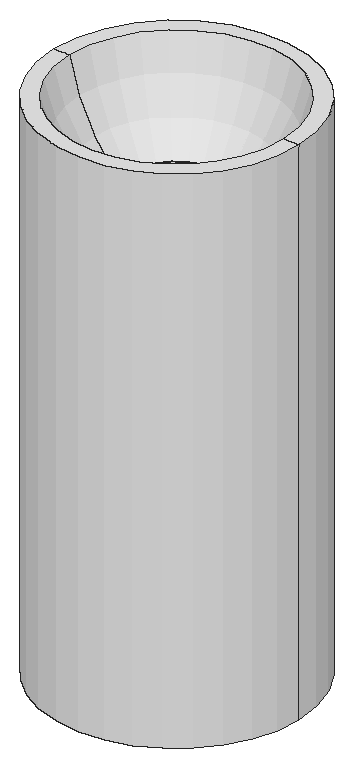
Revit family "5in_Round_Xicato-STD", category Lighting Fixtures, host Face, Revit 2014
Parameters (values of type "L332_12W_Xicato_XTM_1100_lm_3000K")
  Watts = 12 W
  Wattage Comments = "12W,17W,25W"  # constant formula
  Wattage = 12 W
  Warranty = "5 Year Warranty"  # constant formula
  built-in parameter 1150110 = 1 (stored number, unit not read)
  Voltage = 120 V
  URL = "https://www.hubbell.com/kurtversen/en"
  built-in parameter 1114217 = 1 (stored number, unit not read)
  Tilt Angle = -90.00°
  built-in parameter 1150109 = 1 (stored number, unit not read)
  built-in parameter 1150134 = (empty or 0)
  built-in parameter 1150113 = 1 (stored number, unit not read)
  Product Page URL = "https://www.hubbell.com/kurtversen/en/Products/Lighting-Controls/Commercial-Indoor-Lighting/Cylinder/5-Round-Xicato-Surface-Forms/p/536123"
  Product Documentation Link = "https://hubbellcdn.com/specsheet/kv_l332_334_336_spec_sheet.pdf"
  Power Factor = 0.9  # constant formula
  Photometric Web File = "L332_12W_Xicato_XTM_1100_lm_3000K.IES"
  Model = "5in Round Xicato XTM Surface Forms-Ceiling Mount (STD)"  # constant formula
  Manufacturer = "Kurt Versen"  # constant formula
  built-in parameter 1150105 = -448560 (stored number, unit not read)
  Lumens = 720 lm
  built-in parameter 1150115 = 1 (stored number, unit not read)
  Load Classification = Lighting
  built-in parameter 1150137 = (empty or 0)
  built-in parameter 1150139 = (empty or 0)
  built-in parameter 1150112 = 1 (stored number, unit not read)
  built-in parameter 1150114 = 1 (stored number, unit not read)
  Lamp = "LED Lamp"  # constant formula
  Is Height 7.5" [instance] = no
  Is Height 10.5" [instance] = not([Is Height 7.5"])  # yes
  built-in parameter 1150132 = (empty or 0)
  built-in parameter 1150102 = (empty or 0)
  built-in parameter 1150107 = 3000 (stored number, unit not read)
  built-in parameter 1150138 = (empty or 0)
  built-in parameter 1150106 = -4485.6 (stored number, unit not read)
  zz Height 1 [instance] = if([Is Height 7.5"], 7.500", 10.500")  # 10.500"
  Glass = Hubbell-White Glass
  Emit from Circle Diameter = 4.000"  # constant formula
  Emit Shape Visible in Rendering = no
  built-in parameter 1150104 = 5.5742 (stored number, unit not read)
  Dimming Lamp Color Temperature Shift = <None>
  Description = "Narrow, Medium, Wide Distribution Downlights."  # constant formula
  Default Elevation = 48.000"
  Contact us = "https://www.hubbell.com/kurtversen/en/contactUs?productId=536123"
  Color Filter = 16777215
  Beam Spread = "Wide"
  built-in parameter 1114218 = 1 (stored number, unit not read)
  Backbox = Hubbell-White
  built-in parameter 1150133 = 10 (stored number, unit not read)
  Assembly Code = "D5020210"
  Apparent Load = Watts / Power Factor  # 13.3333 VA
Types (9): name | Watts | Wattage | Photometric Web File | built-in parameter 1150105 | Lumens | Is Height 7.5" | Is Height 10.5" | built-in parameter 1150106 | zz Height 1 | built-in parameter 1150104 | Beam Spread | Apparent Load
  L332_12W_Xicato_XTM_1100_lm_3000K | 12 W | 12 W | "L332_12W_Xicato_XTM_1100_lm_3000K.IES" | -448560 (stored number, unit not read) | 720 lm | no | yes | -4485.6 (stored number, unit not read) | 10.500" | 5.5742 (stored number, unit not read) | "Wide" | 13.3333 VA
  L332_17W_Xicato_XTM_1500_lm_3000K | 17 W | 17 W | "L332_17W_Xicato_XTM_1500_lm_3000K.IES" | 79.816 (stored number, unit not read) | 1003 lm | no | yes | 0.79816 (stored number, unit not read) | 10.500" | 5.4813 (stored number, unit not read) | "Wide" | 18.8889 VA
  L332_25W_Xicato_XTM_2100_lm_3000K | 25 W | 25 W | "L332_25W_Xicato_XTM_2100_lm_3000K.IES" | 111.41 (stored number, unit not read) | 1400 lm | no | yes | 1.1141 (stored number, unit not read) | 10.500" | 5.2026 (stored number, unit not read) | "Wide" | 27.7778 VA
  L334_17W_Xicato_XTM_1500_lm_3000K | 17 W | 17 W | "L334_17W_Xicato_XTM_1500_lm_3000K.IES" | 85.227 (stored number, unit not read) | 1071 lm | no | yes | 0.85227 (stored number, unit not read) | 10.500" | 5.8529 (stored number, unit not read) | "Medium" | 18.8889 VA
  L334_12W_Xicato_XTM_1100_lm_3000K | 12 W | 12 W | "L334_12W_Xicato_XTM_1100_lm_3000K.IES" | 60.161 (stored number, unit not read) | 756 lm | yes | no | 0.60161 (stored number, unit not read) | 7.500" | 5.8529 (stored number, unit not read) | "Medium" | 13.3333 VA
  L334_25W_Xicato_XTM_2100_lm_3000K | 25 W | 25 W | "L334_25W_Xicato_XTM_2100_lm_3000K.IES" | 121.36 (stored number, unit not read) | 1525 lm | no | yes | 1.2136 (stored number, unit not read) | 10.500" | 5.6671 (stored number, unit not read) | "Medium" | 27.7778 VA
  L336_12W_Xicato_XTM_1100_lm_3000K | 12 W | 12 W | "L336_12W_Xicato_XTM_1100_lm_3000K.IES" | 63.025 (stored number, unit not read) | 792 lm | no | yes | 0.63025 (stored number, unit not read) | 10.500" | 6.1316 (stored number, unit not read) | "Narrow" | 13.3333 VA
  L336_17W_Xicato_XTM_1500_lm_3000K | 17 W | 17 W | "L336_17W_Xicato_XTM_1500_lm_3000K.IES" | 96.05 (stored number, unit not read) | 1207 lm | no | yes | 0.9605 (stored number, unit not read) | 10.500" | 6.5961 (stored number, unit not read) | "Narrow" | 18.8889 VA
  L336_25W_Xicato_XTM_2100_lm_3000K | 25 W | 25 W | "L336_25W_Xicato_XTM_2100_lm_3000K.IES" | 137.27 (stored number, unit not read) | 1725 lm | no | yes | 1.3727 (stored number, unit not read) | 10.500" | 6.4103 (stored number, unit not read) | "Narrow" | 27.7778 VA
Reference planes (in)
  plane 1 "Center (Front/Back)": y = 0.03999
  plane 2: z = 0
  plane 3 "Center (Left/Right)": x = -11.37583
  plane 4: x = -13.87583
  plane 5: x = -13.56333
  plane 6: x = -9.18833
  plane 7: x = -8.87583
  plane 8: z = 10.5
  plane 9: z = 8.5
  plane 10: z = 8.625
  plane 11: z = 9.5
Forms (in)
  Revolve 1, solid, material "Hubbell-White" <- "Backbox"
    sketch origin (0, 0.03999, 0) x (1, 0, 0) y (0, 0, 1)
      loop
        line (-13.87583, 10.5) -> (-13.87583, 0) -> (-11.37583, 0) -> (-11.37583, 0.1) -> (-11.37583, 8.5) -> (-12.62583, 8.5) -> (-12.62583, 8.625)
        arc (-12.62583, 8.625) -> (-13.21691, 9.50134) -> (-13.56333, 10.5) r 4.0848
        line (-13.56333, 10.5) -> (-13.87583, 10.5)
      axis (-11.37583, 10.5) -> (-11.37583, 0)
    angle from 0 to 360
  Extrusion 2, solid, material "Hubbell-White Glass" <- "Glass"
    sketch origin (0, 0, 0) x (1, 0, 0) y (0, 1, 0)
      loop
        circle (-11.37583, 0.03999) r 1.25
    from 8.5 to 8.625
Dimensions and locks (in)
  equal spacing: plane 4, plane 3 "Center (Left/Right)", plane 7, locked at 2.5 each
  locked: plane 4 to plane 7 at 5
  equal spacing: plane 6, plane 3 "Center (Left/Right)", plane 5, locked at 2.1875 each
  "zz Height 1": plane 8 to plane 2
  locked: plane 8 to plane 9 at 2
  locked: plane 10 to plane 9 at 0.125
  equal spacing: plane 8, plane 11, plane 9, locked at 1 each
  aligned and locked: host face to plane 2
  aligned and locked: level to host face
  aligned and locked: plane 3 "Center (Left/Right)" to imposter light
  aligned and locked: imposter light to plane 1 "Center (Front/Back)"
  aligned and locked: Revolve 1 to Extrusion 2
  aligned and locked: plane 9 to Revolve 1
  aligned and locked: plane 10 to Extrusion 2
  aligned and locked: plane 11 to imposter light
Automatic sketch dimensions
  host sketch curve to host sketch curve = 96.000"  (x2)
  plane 1 "Center (Front/Back)" to Extrusion 2 sketch curve = 0.000"
  Extrusion 2 sketch curve to plane 3 "Center (Left/Right)" = 0.000"
  Revolve 1 sketch curve to level = 0.000"
  plane 4 to Revolve 1 sketch curve = 0.000"
  Revolve 1 sketch curve to plane 9 = 0.000"
  Revolve 1 sketch curve to plane 3 "Center (Left/Right)" = 0.000"  (x2)
  Revolve 1 sketch curve to plane 8 = 0.000"
  Revolve 1 sketch curve to plane 5 = 0.000"
  Revolve 1 sketch curve to plane 10 = 0.000"
  plane 6 to Revolve 1 sketch curve = 0.37502"
  level to Revolve 1 sketch curve = 0.100"
  Revolve 1 sketch curve to Revolve 1 sketch curve = 0.99668"
  Revolve 1 sketch curve to Revolve 1 sketch curve = 6.68569"
  Revolve 1 sketch curve to plane 3 "Center (Left/Right)" = 1.250"
  radius of Extrusion 2 sketch curve = 1.250"
Connectors (in)
  electrical at (-11.37583, 0.03999, 0), driven by "Load Classification", driven by "Voltage", driven by "Apparent Load", driven by "Power Factor"
    settings: on Revolve 1, index 1, voltage 120 V, apparent load 13.3333 VA, apparent load phase1 0 VA, apparent load phase2 0 VA, apparent load phase3 0 VA, power factor 0.9, load classification "Lighting", number of poles 1, system type 30, power factor state 1, is connector primary yes, connector utility no, sub classification motor no, connector description "Lighting Connector"
